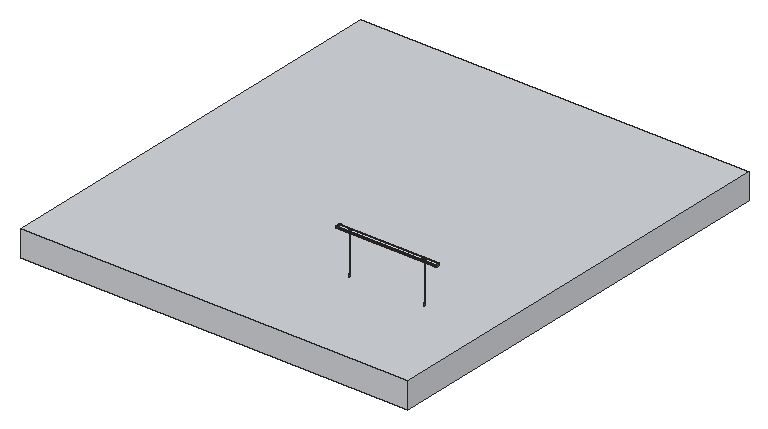
Revit family "ARKOSLIGHT_Divi direct middle", category Luminarias, Revit 2019
Family settings
  Anfitrión = Cara
  Cota de conector redondo = Diámetro de uso
  Tipo de pieza = Normal
  Corte con vacíos al cargar = No
  Origen de luz = No
  Compartido = No
  Punto de cálculo de habitación = No
Parameters (values of type "A5380121NT - DIVI DIRECT MIDDLE 3000K NT")
  User cable length [instance] = 500 mm
  URL = "https://www.arkoslight.com/en/products/divi/?child=dividir"
  Modelo = ARKOSLIGHT_Model  # "DIVI"
  Fabricante = "ARKOSLIGHT"  # constant formula
  IES = IES : A5380121NT - DIVI DIRECT MIDDLE 3000K NT
  Description = ""
  Cable length [instance] = if(User cable length > 2000 mm, 2000 mm, if(User cable length < 200 mm, 200 mm, User cable length))  # 500 mm
  ARKOSLIGHT_IP = "20"
  ARKOSLIGHT_Series = "DIVI DIRECT MODULE"  # constant formula
  ARKOSLIGHT_Dimming = "No Dim / DALI / Push"
  ARKOSLIGHT_Model = "DIVI"  # constant formula
  ARKOSLIGHT_Reference = "A5380121NT"
  ARKOSLIGHT_Luminous flux = 1650 lm
  ARKOSLIGHT_IES = "A538-01-2-1-NT DIVI DIRECT MIDDLE 3000K CRI90.ies"
  ARKOSLIGHT_Color = "Textured black"
  ARKOSLIGHT_Cable_Color = ARKOSLIGHT_Black
  ARKOSLIGHT_Fixture Type = "CUSTOM SYSTEMS"  # constant formula
  ARKOSLIGHT_Efficiency = "51%"
  ARKOSLIGHT_CCT = 3000 K
  ARKOSLIGHT_CRI = "CRI>90"
  ARKOSLIGHT_Body_Secondary_Color = ARKOSLIGHT_Black
  ARKOSLIGHT_Beam Angle = 115.00°
  ARKOSLIGHT_Body_Color = ARKOSLIGHT_Textured black
  Default Elevation = 0 mm
  Carga aparente = ARKOSLIGHT_Apparent Load  # 13.5 VA
  ARKOSLIGHT_Apparent Load = 13.5 VA
Types (2, lengths in mm): name | IES | ARKOSLIGHT_Reference | ARKOSLIGHT_IES | ARKOSLIGHT_Color | ARKOSLIGHT_Cable_Color | ARKOSLIGHT_Efficiency | ARKOSLIGHT_Body_Secondary_Color | ARKOSLIGHT_Body_Color
  A5380121NT - DIVI DIRECT MIDDLE 3000K NT | IES : A5380121NT - DIVI DIRECT MIDDLE 3000K NT | "A5380121NT" | "A538-01-2-1-NT DIVI DIRECT MIDDLE 3000K CRI90.ies" | "Textured black" | ARKOSLIGHT_Black | "51%" | ARKOSLIGHT_Black | ARKOSLIGHT_Textured black
  A5380121WT - DIVI DIRECT MIDDLE 3000K WT | IES : A5380121WT - DIVI DIRECT MIDDLE 3000K WT | "A5380121WT" | "A538-01-2-1-WT DIVI DIRECT MIDDLE 3000K CRI90.ies" | "Textured white" | ARKOSLIGHT_White | "58%" | ARKOSLIGHT_White | ARKOSLIGHT_Textured white
Reference planes
  plane 1 "Center (Front/Back)": y = 0
  plane 2: z = 0
  plane 3 "Center (Left/Right)": x = 0
  plane 4: x = 600
  plane 5: x = -600
  plane 6 "Bottom": z = 500
  plane 7: z = 467.929
  plane 8 "Right connector": x = 448
  plane 9 "Left connector": x = -448
  plane 10: x = -592.835
  plane 11: x = -599.5
  plane 12: x = -597.55
  plane 13: x = 592.8
  plane 14: x = 597.5
  plane 15: x = 599.5
  plane 16: y = 21.9
  plane 17: y = -21.9
  plane 18: x = -594.47
  plane 19: x = 594.47
Forms (mm)
  Extrusion 1, solid
    sketch origin (0, 0, 0) x (1, 0, 0) y (0, 1, 0)
      loop
        line (-3414.25, 3876) -> (-3414.25, -1219.2) -> (1219.2, -1219.2) -> (1219.2, 3876) -> (-3414.25, 3876)
    from 0 to -304.8
  Revolve 2, solid, material "ARKOSLIGHT_Textured black" <- "ARKOSLIGHT_Body_Color"
    sketch origin (-249.517, 0, 1966) x (1, 0, 0) y (0, 0, -1)
      loop
        line (698.717, 1940.969) -> (702.427, 1940.969) -> (702.427, 1966) -> (697.517, 1966) -> (697.517, 1936.471) -> (698.717, 1936.471) -> (698.717, 1940.969)
      axis (697.517, 1936.471) -> (697.517, 1966)
    angle from 0 to 360
  Extrusion 3, solid, material "ARKOSLIGHT_Textured black" <- "ARKOSLIGHT_Body_Color"
    sketch origin (-600, -221.408, 1219.2) x (0, -1, 0) y (0, 0, -1)
      loop
        line (-199.508, 719.2) -> (-199.508, 729.371)
        arc (-199.508, 729.371) -> (-221.408, 751.271) -> (-243.308, 729.371) r 21.9
        line (-243.308, 729.371) -> (-243.308, 719.2) -> (-241.808, 719.2) -> (-241.808, 729.371)
        arc (-241.808, 729.371) -> (-221.408, 749.771) -> (-201.008, 729.371) r 20.4
        line (-201.008, 729.371) -> (-201.008, 719.2) -> (-199.508, 719.2)
    from 0 to 1200
  Extrusion 4, solid, material "ARKOSLIGHT_Black" <- "ARKOSLIGHT_Body_Secondary_Color"
    sketch origin (-599.5, -221.408, 1219.2) x (0, -1, 0) y (0, 0, -1)
      loop
        line (-201.308, 719.2) -> (-201.308, 729.371)
        arc (-201.308, 729.371) -> (-221.408, 749.471) -> (-241.508, 729.371) r 20.1
        line (-241.508, 729.371) -> (-241.508, 719.2) -> (-201.308, 719.2)
    from 0 to 1.95
  Extrusion 5, solid, material "ARKOSLIGHT_Black" <- "ARKOSLIGHT_Body_Secondary_Color"
    sketch origin (-599.5, -221.408, 1219.2) x (0, -1, 0) y (0, 0, -1)
      loop
        line (-201.318, 719.2) -> (-201.318, 720.552) -> (-241.497, 720.552) -> (-241.497, 719.2) -> (-201.318, 719.2)
    from 0 to 6.665
  Extrusion 6, solid, material "ARKOSLIGHT_Black" <- "ARKOSLIGHT_Body_Secondary_Color"
    sketch origin (599.5, -221.408, 1219.2) x (0, -1, 0) y (0, 0, 1)
      loop
        line (-201.308, -719.2) -> (-241.508, -719.2) -> (-241.508, -729.371)
        arc (-241.508, -729.371) -> (-221.408, -749.471) -> (-201.308, -729.371) r 20.1
        line (-201.308, -729.371) -> (-201.308, -719.2)
    from 0 to 2
  Extrusion 7, solid, material "ARKOSLIGHT_Black" <- "ARKOSLIGHT_Body_Secondary_Color"
    sketch origin (599.5, -221.408, 1219.2) x (0, -1, 0) y (0, 0, 1)
      loop
        line (-201.318, -719.2) -> (-241.497, -719.2) -> (-241.497, -720.552) -> (-201.318, -720.552) -> (-201.318, -719.2)
    from 0 to 6.7
  Extrusion 8, solid, material "ARKOSLIGHT_Light"
    sketch origin (-594.47, -221.408, 1219.2) x (0, -1, 0) y (0, 0, -1)
      loop
        line (-241.497, 720.787) -> (-201.012, 720.787) -> (-201.012, 722.287) -> (-241.497, 722.287) -> (-241.497, 720.787)
    from 0 to 1188.94
  Revolve 9, void
    sketch origin (0, 0, 0) x (1, 0, 0) y (0, 0, 1)
      loop
        line (448, 496.913) -> (460.4, 496.913) -> (460.394, 498.413) -> (448, 498.413) -> (448, 496.913)
      axis (448, 496.913) -> (448, 498.413)
    angle from 0 to 360
  Revolve 10, solid, material "ARKOSLIGHT_White"
    sketch origin (0, 0, 0) x (1, 0, 0) y (0, 0, 1)
      loop
        line (448, 493.02) -> (448, 484.52) -> (461.53, 484.52) -> (461.53, 496.97) -> (458.537, 496.97) -> (458.537, 498.47) -> (457.589, 498.47) -> (457.589, 486.97) -> (453.978, 486.97) -> (453.978, 493.02) -> (448, 493.02)
      axis (448, 484.52) -> (448, 498.47)
    angle from 0 to 360
  Extrusion 11, solid, material "ARKOSLIGHT_Black" <- "ARKOSLIGHT_Cable_Color"
    sketch origin (0, 0, 0) x (1, 0, 0) y (0, 1, 0)
      loop
        circle (448, 0) r 0.3
    from 29.529 to 467.929
  Revolve 12, void
    sketch origin (-896, 0, 0) x (1, 0, 0) y (0, 0, 1)
      loop
        line (448, 496.913) -> (460.4, 496.913) -> (460.4, 498.413) -> (448, 498.413) -> (448, 496.913)
      axis (448, 496.913) -> (448, 498.413)
    angle from 0 to 360
  Revolve 13, solid, material "ARKOSLIGHT_White"
    sketch origin (-896, 0, 0) x (1, 0, 0) y (0, 0, 1)
      loop
        line (448, 493.02) -> (448, 484.52) -> (461.53, 484.52) -> (461.53, 496.97) -> (458.537, 496.97) -> (458.537, 498.47) -> (457.589, 498.47) -> (457.589, 486.97) -> (453.978, 486.97) -> (453.978, 493.02) -> (448, 493.02)
      axis (448, 484.52) -> (448, 498.47)
    angle from 0 to 360
  Revolve 14, solid, material "ARKOSLIGHT_Textured black" <- "ARKOSLIGHT_Body_Color"
    sketch origin (-1145.517, 0, 1966) x (1, 0, 0) y (0, 0, -1)
      loop
        line (698.717, 1940.969) -> (702.427, 1940.969) -> (702.427, 1966) -> (697.517, 1966) -> (697.517, 1936.471) -> (698.717, 1936.471) -> (698.717, 1940.969)
      axis (697.517, 1936.471) -> (697.517, 1966)
    angle from 0 to 360
  Extrusion 15, solid, material "ARKOSLIGHT_Black" <- "ARKOSLIGHT_Cable_Color"
    sketch origin (-896, 0, 0) x (1, 0, 0) y (0, 1, 0)
      loop
        circle (448, 0) r 0.3
    from 29.529 to 467.929
Cuts and joins
  joined: Extrusion 4, Extrusion 5
  Revolve 9, Revolve 12 cuts Extrusion 8
  joined: Extrusion 6, Extrusion 7
Lines and regions (mm)
  symbolic lines, style "LightingFixturesHiddenLines"
    curve 1: line (435.631, 0, 500) -> (460.322, 0, 500)
    curve 2: line (448, -12.369, 500) -> (448, 12.316, 500)
Dimensions and locks
  locked: plane 5 to plane 4 at 1200
  "Cable length": plane 6 "Bottom" to plane 2
  equal spacing: plane 5, plane 3 "Center (Left/Right)", plane 4
  locked: plane 6 "Bottom" to plane 7 at 32.071
  locked: plane 5 to plane 11 at 0.5
  locked: plane 5 to plane 12 at 2.45
  locked: plane 5 to plane 10 at 7.165
  locked: plane 15 to plane 4 at 0.5
  locked: plane 14 to plane 4 at 2.5
  locked: plane 13 to plane 4 at 7.2
  locked: Revolve 2 sketch curve to plane 2 at 25.031
  locked: Revolve 2 sketch curve to plane 2 at 29.529
  locked: plane 8 "Right connector" to Revolve 2 sketch curve at 1.2
  locked: plane 8 "Right connector" to Revolve 2 sketch curve at 4.91
  equal spacing: plane 17, plane 1 "Center (Front/Back)", plane 16
  locked: plane 16 to plane 17 at 43.8
  locked: plane 17 to Extrusion 3 sketch curve at 1.5
  locked: Extrusion 3 sketch curve to plane 16 at 1.5
  locked: Extrusion 4 sketch curve to plane 16 at 1.8
  locked: plane 17 to Extrusion 4 sketch curve at 1.8
  locked: Extrusion 5 sketch curve to plane 17 at 1.81
  locked: plane 16 to Extrusion 5 sketch curve at 1.81
  locked: plane 6 "Bottom" to Extrusion 5 sketch curve at 1.352
  locked: plane 6 "Bottom" to Extrusion 7 sketch curve at 1.352
  locked: plane 16 to Extrusion 7 sketch curve at 1.81
  locked: Extrusion 7 sketch curve to plane 17 at 1.81
  locked: plane 16 to Extrusion 6 sketch curve at 1.8
  locked: Extrusion 6 sketch curve to plane 17 at 1.8
  locked: Extrusion 8 sketch curve to plane 17 at 1.505
  locked: plane 16 to Extrusion 8 sketch curve at 1.81
  locked: plane 6 "Bottom" to Extrusion 8 sketch curve at 1.587
  locked: plane 6 "Bottom" to Extrusion 8 sketch curve at 3.087
  locked: plane 5 to plane 18 at 5.53
  locked: plane 19 to plane 4 at 5.53
  locked: Extrusion 11 to plane 2 at 29.529
  locked: plane 9 "Left connector" to plane 8 "Right connector" at 896
  equal spacing: plane 9 "Left connector", plane 3 "Center (Left/Right)", plane 8 "Right connector"
  locked: Revolve 12 sketch curve to plane 9 "Left connector" at 12.4
  locked: Revolve 13 sketch curve to plane 9 "Left connector" at 13.53
  locked: Revolve 13 sketch curve to plane 9 "Left connector" at 5.978
  locked: Revolve 13 sketch curve to plane 9 "Left connector" at 9.589
  locked: Revolve 13 sketch curve to plane 9 "Left connector" at 10.537
  locked: Revolve 14 sketch curve to plane 2 at 25.031
  locked: Revolve 14 sketch curve to plane 2 at 29.529
  locked: Extrusion 15 to plane 2 at 29.529
  locked: Revolve 14 sketch curve to plane 9 "Left connector" at 4.91
  locked: Revolve 14 sketch curve to plane 9 "Left connector" at 1.2
  aligned and locked: plane 2 to Extrusion 1
  aligned and locked: level to Extrusion 1
  aligned and locked: plane 8 "Right connector" to Revolve 2 sketch curve
  aligned and locked: Revolve 2 sketch curve to plane 8 "Right connector"
  aligned and locked: plane 17 to Extrusion 3 sketch curve
  aligned and locked: Extrusion 3 sketch curve to plane 16
  aligned and locked: Extrusion 3 sketch curve to plane 6 "Bottom"  (x2)
  aligned and locked: Extrusion 3 to plane 4
  aligned and locked: Extrusion 3 to plane 5
  aligned and locked: Extrusion 4 sketch curve to plane 6 "Bottom"
  aligned and locked: plane 12 to Extrusion 4
  aligned and locked: plane 6 "Bottom" to Extrusion 5 sketch curve
  aligned and locked: plane 10 to Extrusion 5
  aligned and locked: plane 13 to Extrusion 7
  aligned and locked: plane 6 "Bottom" to Extrusion 7 sketch curve
  aligned and locked: plane 14 to Extrusion 6
  aligned and locked: plane 6 "Bottom" to Extrusion 6 sketch curve
  aligned and locked: Extrusion 8 to plane 19
  aligned and locked: Revolve 9 sketch curve to plane 8 "Right connector"  (x2)
  aligned and locked: plane 1 "Center (Front/Back)" to Extrusion 11 sketch curve
  aligned and locked: plane 7 to Extrusion 11
  aligned and locked: plane 1 "Center (Front/Back)" to curve 1
  aligned and locked: curve 2 to plane 8 "Right connector"
  aligned and locked: Revolve 12 sketch curve to plane 9 "Left connector"
  aligned and locked: plane 9 "Left connector" to Revolve 12 sketch curve
  aligned and locked: Revolve 13 sketch curve to plane 9 "Left connector"  (x2)
  aligned and locked: Revolve 14 sketch curve to plane 9 "Left connector"
  aligned and locked: plane 9 "Left connector" to Revolve 14 sketch curve
  aligned and locked: plane 7 to Extrusion 15
  aligned and locked: plane 9 "Left connector" to Extrusion 15 sketch curve
  aligned and locked: plane 1 "Center (Front/Back)" to Extrusion 15 sketch curve
Automatic sketch dimensions
  Extrusion 1 sketch curve to Extrusion 1 sketch curve = 4633.45 mm
  Extrusion 1 sketch curve to Extrusion 1 sketch curve = 5095.2 mm
  Revolve 2 sketch curve to level = 0 mm
  Revolve 2 sketch curve to plane 6 "Bottom" = 270.8 mm
  level to Revolve 2 sketch curve = 1448.333 mm
  Extrusion 3 sketch curve to Extrusion 3 sketch curve = 0 mm
  Extrusion 3 sketch curve to Extrusion 3 sketch curve = 10.171 mm
  Extrusion 4 sketch curve to Extrusion 4 sketch curve = 10.171 mm
  Extrusion 6 sketch curve to plane 6 "Bottom" = 10.171 mm
  Revolve 9 sketch curve to plane 6 "Bottom" = 1.587 mm
  Revolve 9 sketch curve to plane 8 "Right connector" = 12.394 mm
  Revolve 9 sketch curve to Revolve 9 sketch curve = 0.006 mm
  Revolve 9 sketch curve to Revolve 9 sketch curve = 1.5 mm
  Revolve 9 sketch curve to level = 304.8 mm
  plane 6 "Bottom" to Revolve 9 sketch curve = 2225.9 mm
  plane 8 "Right connector" to Revolve 10 sketch curve = 0 mm  (x2)
  Revolve 10 sketch curve to plane 8 "Right connector" = 5.978 mm
  Revolve 10 sketch curve to Revolve 10 sketch curve = 3.611 mm
  Revolve 10 sketch curve to Revolve 10 sketch curve = 0.948 mm
  Revolve 10 sketch curve to Revolve 10 sketch curve = 3.941 mm
  Revolve 10 sketch curve to plane 6 "Bottom" = 15.48 mm
  Revolve 10 sketch curve to Revolve 10 sketch curve = 2.45 mm
  Revolve 10 sketch curve to plane 6 "Bottom" = 6.98 mm
  Revolve 10 sketch curve to plane 6 "Bottom" = 3.03 mm
  Revolve 10 sketch curve to plane 6 "Bottom" = 1.53 mm
  Revolve 10 sketch curve to level = 304.8 mm
  plane 6 "Bottom" to Revolve 10 sketch curve = 2225.9 mm
  Extrusion 11 sketch curve to plane 8 "Right connector" = 0 mm
  curve 1 to plane 8 "Right connector" = 12.322 mm
  plane 8 "Right connector" to curve 1 = 12.369 mm
  curve 2 to plane 16 = 9.584 mm
  curve 2 to plane 17 = 9.531 mm
  Revolve 12 sketch curve to plane 6 "Bottom" = 3.087 mm
  Revolve 12 sketch curve to Revolve 12 sketch curve = 1.5 mm
  Revolve 12 sketch curve to level = 304.8 mm
  plane 6 "Bottom" to Revolve 12 sketch curve = 2225.9 mm
  Revolve 13 sketch curve to plane 6 "Bottom" = 15.48 mm
  Revolve 13 sketch curve to Revolve 13 sketch curve = 2.45 mm
  Revolve 13 sketch curve to plane 6 "Bottom" = 6.98 mm
  Revolve 13 sketch curve to plane 6 "Bottom" = 3.03 mm
  Revolve 13 sketch curve to plane 6 "Bottom" = 1.53 mm
  Revolve 13 sketch curve to level = 304.8 mm
  plane 6 "Bottom" to Revolve 13 sketch curve = 2225.9 mm
  Revolve 14 sketch curve to level = 0 mm
  Revolve 14 sketch curve to plane 6 "Bottom" = 270.8 mm
  level to Revolve 14 sketch curve = 1448.333 mm
  radius of Extrusion 11 sketch curve = 0.3 mm
  radius of Extrusion 15 sketch curve = 0.3 mm
Nested families
  nested 1: "IES" at (0, 0, 500) x (-1, 0, 0) z (0, 0, 1), type <- "IES", type "A5380121NT - DIVI DIRECT MIDDLE 3000K NT"
Connectors
  electrical at (0, 0, 0), driven by "Carga aparente"
    settings: on Extrusion 1, index 1, voltage 230 V, apparent load 0 VA, apparent load phase1 13.5 VA, apparent load phase2 0 VA, apparent load phase3 0 VA, power factor 1, load classification "Lighting", number of poles 1, system type 31, power factor state 1, is connector primary yes, connector utility no, sub classification motor no, connector description ""
Definition of nested family "IES"
  Parameters (values of type "A5380131WT - DIVI DIRECT END 3000K WT")
    Wattage = 9.2903 W
    built-in parameter 1150110 = 1 (stored number, unit not read)
    URL = "https://www.arkoslight.com/en/products/divi/?child=dividir"
    built-in parameter 1114217 = 1 (stored number, unit not read)
    built-in parameter 1150109 = 1 (stored number, unit not read)
    built-in parameter 1150134 = 3
    built-in parameter 1150113 = 1 (stored number, unit not read)
    Model = ARKOSLIGHT_Model  # "DIVI"
    Manufacturer = "ARKOSLIGHT"  # constant formula
    built-in parameter 1150105 = 439.27 (stored number, unit not read)
    Lumens = 1380 lm
    built-in parameter 1150115 = 1 (stored number, unit not read)
    Light Source Symbol Size = 50 mm  # constant formula
    built-in parameter 1150137 = (empty or 0)
    built-in parameter 1150139 = (empty or 0)
    built-in parameter 1150112 = 1 (stored number, unit not read)
    built-in parameter 1150114 = 1 (stored number, unit not read)
    built-in parameter 1150132 = (empty or 0)
    built-in parameter 1150102 = (empty or 0)
    built-in parameter 1150107 = 3000 (stored number, unit not read)
    built-in parameter 1150138 = (empty or 0)
    built-in parameter 1150106 = 4.3927 (stored number, unit not read)
    Emit from Rectangle Width = 40.2 mm  # constant formula
    Emit from Rectangle Length = 1185.6 mm  # constant formula
    Emit Shape Visible in Rendering = no
    built-in parameter 1150104 = 13.8 (stored number, unit not read)
    Dimming Lamp Color Temperature Shift = (empty or 0)
    Description = ""
    Color Filter = 16777215
    built-in parameter 1114218 = 1 (stored number, unit not read)
    built-in parameter 1150133 = 10 (stored number, unit not read)
    ARKOSLIGHT_IP = "20"
    ARKOSLIGHT_Series = "DIVI DIRECT MODULE"  # constant formula
    ARKOSLIGHT_Dimming = "No Dim / DALI / Push"
    ARKOSLIGHT_Model = "DIVI"  # constant formula
    ARKOSLIGHT_Reference = "A5380131WT"
    ARKOSLIGHT_Luminous flux = 1650 lm
    ARKOSLIGHT_IES = "A538-01-3-1-WT DIVI DIRECT END 3000K CRI90.ies"
    ARKOSLIGHT_Fixture Type = "CUSTOM SYSTEMS"  # constant formula
    ARKOSLIGHT_Efficiency = "58%"
    ARKOSLIGHT_CCT = 3000 K
    ARKOSLIGHT_CRI = "CRI>90"
    ARKOSLIGHT_Beam Angle = 115.00°
    Default Elevation = 0 mm
    Apparent Load = ARKOSLIGHT_Apparent Load  # 13.5 VA
    ARKOSLIGHT_Apparent Load = 13.5 VA
  Types (8, lengths in mm): name | ARKOSLIGHT_Reference | ARKOSLIGHT_IES | ARKOSLIGHT_Efficiency
    A5380101NT - DIVI DIRECT INITIAL 3000K NT | "A5380101NT" | "A538-01-0-1-NT DIVI DIRECT INITIAL 3000K CRI90.ies" | "51%"
    A5380101WT - DIVI DIRECT INITIAL 3000K WT | "A5380101WT" | "A538-01-0-1-WT DIVI DIRECT INITIAL 3000K CRI90.ies" | "58%"
    A5380111NT - DIVI DIRECT INITIAL & END 3000K NT | "A5380111NT" | "A538-01-1-1-NT DIVI DIRECT INITIAL - END 3000K CRI90.ies" | "51%"
    A5380111WT - DIVI DIRECT INITIAL & END 3000K WT | "A5380111WT" | "A538-01-1-1-WT DIVI DIRECT INITIAL - END 3000K CRI90.ies" | "58%"
    A5380121NT - DIVI DIRECT MIDDLE 3000K NT | "A5380121NT" | "A538-01-2-1-NT DIVI DIRECT MIDDLE 3000K CRI90.ies" | "51%"
    A5380121WT - DIVI DIRECT MIDDLE 3000K WT | "A5380121WT" | "A538-01-2-1-WT DIVI DIRECT MIDDLE 3000K CRI90.ies" | "58%"
    A5380131NT - DIVI DIRECT END 3000K NT | "A5380131NT" | "A538-01-3-1-NT DIVI DIRECT END 3000K CRI90.ies" | "51%"
    A5380131WT - DIVI DIRECT END 3000K WT | "A5380131WT" | "A538-01-3-1-WT DIVI DIRECT END 3000K CRI90.ies" | "58%"
  Reference planes
    plane 1 "Center (Front/Back)": y = 0
    plane 2: z = 0
    plane 3 "Center (Left/Right)": x = 0
    plane 4: x = 600
    plane 5: x = -600
    plane 6: x = -592.835
    plane 7: x = 592.8
    plane 8: y = 21.9
    plane 9: y = -21.9
    plane 10: y = 20.1
    plane 11: y = -20.1
  Forms (mm)
    Extrusion 1, solid
      sketch origin (0, 0, 0) x (1, 0, 0) y (0, 1, 0)
        loop
          line (-3414.25, 3876) -> (-3414.25, -1219.2) -> (1219.2, -1219.2) -> (1219.2, 3876) -> (-3414.25, 3876)
      from 0 to -304.8
  Dimensions and locks
    locked: plane 5 to plane 4 at 1200
    equal spacing: plane 5, plane 3 "Center (Left/Right)", plane 4
    locked: plane 5 to plane 6 at 7.165
    locked: plane 7 to plane 4 at 7.2
    equal spacing: plane 9, plane 1 "Center (Front/Back)", plane 8
    locked: plane 8 to plane 9 at 43.8
    locked: plane 8 to plane 10 at 1.8
    locked: plane 9 to plane 11 at 1.8
    plane 11 to plane 10 = 40.2 mm
    aligned and locked: plane 2 to Extrusion 1
    aligned and locked: level to Extrusion 1
  Automatic sketch dimensions
    Extrusion 1 sketch curve to Extrusion 1 sketch curve = 4633.45 mm
    Extrusion 1 sketch curve to Extrusion 1 sketch curve = 5095.2 mm
